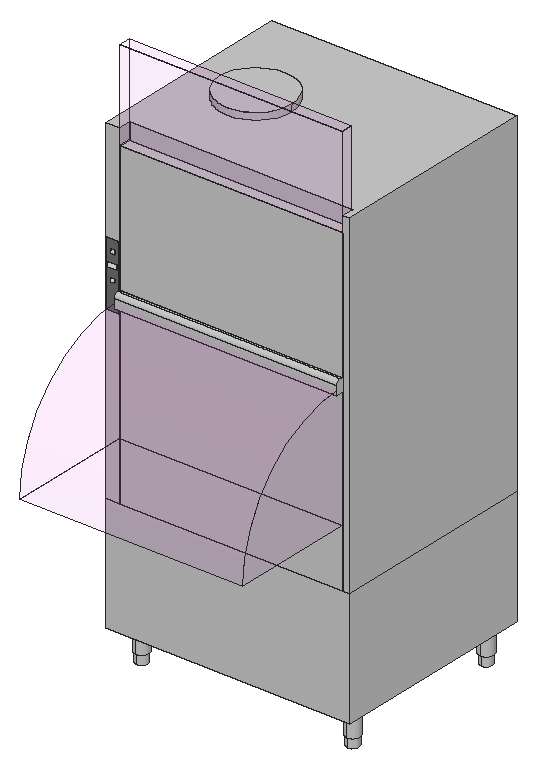
Revit family "Gi805H", category Equipement spécialisé, Revit 2023
Family settings
  Cote de connecteur circulaire = Utiliser le diamètre
  Type d'élément = Normal
  Numéro OmniClass = 23.40.40.14
  Titre OmniClass = Food Service Equipment
  Basée sur le plan de construction = Non
  Autoriser la découpe dans les vues = Non
  Toujours verticalement = Oui
  Couper avec des vides une fois chargée = Non
  Conserver l'orientation des annotations = Non
  Partagée = Non
  Repère de localisation dans la pièce = Non
Parameters (values of type "6G3160")
  URL catalogo = "https://comenda.eu/wp-content/uploads/2024/02/Scheda-tecnica_G-EVO-805-R_15.02.2024_ITA.pdf"
  URL = "www.comenda.eu"
  Tensione = 400 V
  Temperatura raccomandata per acqua calda = 50 °C
  Show Logo [instance] = yes
  Show Clearance [instance] = yes
  Protezione contro le sovracorrenti = 16 A
  Elévation par défaut = 0 mm
  Profondità = 900 mm
  Pressione minima acqua calda = 2000.0 Pa
  Potenza elettrica = 9000 W
  Peso netto = 230.00 kg
  Numero dei poli = 3
  Modèle = "G-EVO 805 R RCD"
  Fabricant = "COMENDA"
  Lunghezza = 1020 mm
  Frequenza = 50 Hz
  Fase = 3
  Diametro raccordo acqua calda = 3/4"
  Diametro dello scarico diretto di acqua = 1 3/8"
  Description = "THREE-PHASE FRONT LOADING POTWASHER WITH RCD"
  Corrente di funzionamento normale = 13.7 A
  Assembly Code = ""
  Altezza dello scarico diretto acqua da pavimento finito = 145 mm
  Altezza da terra raccordo acqua calda = 175 mm
  Altezza allacciamento elettrico da pavimento finito = 135 mm
  Altezza = 2055 mm
Types (2, lengths in mm): name | Modèle | Altezza
  6G3160 | "G-EVO 805 R RCD" | 2055
  6G3267 | "G-EVO 805H R RCD" | 2020
Reference planes
  plane 1 "Back": y = 0
  plane 2: z = 0
  plane 3 "Left": x = -30
  plane 4 "Right": x = 990
  plane 5 "Front": y = -900
  plane 6 "Top": z = 2055
  plane 7: z = 2055
  plane 8: z = 2340
Forms (mm)
  Revolve 1, solid
    sketch origin (50, -8.5, 0) x (0, 1, 0) y (0, 0, 1)
      loop
        line (-50, 135) -> (-80, 135) -> (-80, 0) -> (-55, 0) -> (-55, 40) -> (-50, 40) -> (-50, 135)
      axis (-80, 0) -> (-80, 135)
    angle from 0 to 360
  Revolve 2, solid
    sketch origin (50, -701.5, 0) x (0, 1, 0) y (0, 0, 1)
      loop
        line (-50, 135) -> (-80, 135) -> (-80, 0) -> (-55, 0) -> (-55, 40) -> (-50, 40) -> (-50, 135)
      axis (-80, 0) -> (-80, 135)
    angle from 0 to 360
  Revolve 3, solid
    sketch origin (935, -8.5, 0) x (0, 1, 0) y (0, 0, 1)
      loop
        line (-50, 135) -> (-80, 135) -> (-80, 0) -> (-55, 0) -> (-55, 40) -> (-50, 40) -> (-50, 135)
      axis (-80, 0) -> (-80, 135)
    angle from 0 to 360
  Revolve 4, solid
    sketch origin (935, -705, 0) x (0, 1, 0) y (0, 0, 1)
      loop
        line (-50, 135) -> (-80, 135) -> (-80, 0) -> (-55, 0) -> (-55, 40) -> (-50, 40) -> (-50, 135)
      axis (-80, 0) -> (-80, 135)
    angle from 0 to 360
  Extrusion 5, solid
    sketch origin (1.5, 0, 710) x (1, 0, 0) y (0, 1, 0)
      loop
        line (-31.5, 0) -> (-31.5, -870) -> (28.5, -870) -> (28.5, -820) -> (960, -820) -> (960, -870) -> (988.5, -870) -> (988.5, 0) -> (-31.5, 0)
    from -89.5 to 1316.5
  Extrusion 6, solid
    sketch origin (0, 0, -35) x (1, 0, 0) y (0, 1, 0)
      loop
        line (-30, 0) -> (-30, -870) -> (990, -870) -> (990, 0) -> (-30, 0)
    from 170 to 655
  Extrusion 7, solid
    sketch origin (50, 0, 1923.5) x (1, 0, 0) y (0, 1, 0)
      loop
        circle (200, -435) r 150
    from 103 to 131.5
  Extrusion 8, solid
    sketch origin (33.5, 0, 0) x (0, 1, 0) y (0, 0, 1)
      loop
        line (-900, 1365) -> (-870, 1365) -> (-870, 1420) -> (-880, 1420)
        arc (-880, 1420) -> (-894.142, 1414.142) -> (-900, 1400) r 20
        line (-900, 1400) -> (-900, 1365)
    from -2.5 to 926.5
  Extrusion 9, solid
    sketch origin (0, 0, 620) x (1, 0, 0) y (0, 1, 0)
      loop
        line (31, -870) -> (960, -870) -> (960, -820) -> (31, -820) -> (31, -870)
    from 0 to 244
  Extrusion 10, solid
    sketch origin (0, 0, 864) x (1, 0, 0) y (0, 1, 0)
      loop
        line (31, -870) -> (960, -870) -> (960, -820) -> (31, -820) -> (31, -870)
    from 1 to 556
  Extrusion 11, solid
    sketch origin (0, 0, 1319) x (1, 0, 0) y (0, 1, 0)
      loop
        line (31.5, -870) -> (960, -870) -> (960, -820) -> (31.5, -820) -> (31.5, -870)
    from 101 to 641
  Extrusion 12, solid
    sketch origin (-775, -868.2, 728.939) x (1, 0, 0) y (0, 0, 1)
      loop
        line (800, 871) -> (750, 871) -> (750, 601) -> (800, 601) -> (800, 871)
    from 0 to 2
  Extrusion 13, solid
    sketch origin (-1975.001, -868.4, 756.591) x (1, 0, 0) y (0, 0, 1)
      loop
        line (1993.501, 752.409) -> (1956.501, 752.409) -> (1956.501, 734.409) -> (1993.501, 734.409) -> (1993.501, 752.409)
      loop
        line (1983.001, 788.909) -> (1983.001, 804.909) -> (1967.001, 804.909) -> (1967.001, 788.909) -> (1983.001, 788.909)
      loop
        line (1983.001, 681.909) -> (1983.001, 697.909) -> (1967.001, 697.909) -> (1967.001, 681.909) -> (1983.001, 681.909)
    from 0 to 2
  Extrusion 14, solid
    sketch origin (962, -870, 710) x (0, 1, 0) y (0, 0, -1)
      loop
        line (0, -1250) -> (0, -1630) -> (50, -1630) -> (50, -1250) -> (0, -1250)
    from 1.5 to 930.5
  Extrusion 15, void
    sketch origin (935, -785, 0) x (1, 0, 0) y (0, 1, 0)
      loop
        circle (-175, 175) r 17.5
    from 0 to 145
  Extrusion 16, void
    sketch origin (935, -785, 0) x (1, 0, 0) y (0, 1, 0)
      loop
        circle (-895, 35) r 10
    from 0 to 175
  Extrusion 17, solid
    sketch origin (0, 0, 135) x (0, 1, 0) y (1, 0, 0)
      loop
        circle (-848, 905) r 4.85
    from 0 to 1
  Extrusion 18, solid
    sketch origin (-30, 0, 0) x (0, 1, 0) y (0, 0, 1)
      loop
        line (-870, 865) -> (-870, 1385)
        arc (-870, 1385) -> (-1237.696, 1232.696) -> (-1390, 865) r 520
        line (-1390, 865) -> (-870, 865)
    from 60 to 990
Cuts and joins
  Extrusion 15, Extrusion 16 cuts Extrusion 5
  Extrusion 15, Extrusion 16 cuts Extrusion 6
  joined: Extrusion 5, Extrusion 6
Lines and regions (mm)
  symbolic lines, style "200-EquipBorder-2D"
    curve 1: line (-30, 0, 0) -> (990, 0, 0)
    curve 2: line (-30, -870, 0) -> (-30, 0, 0)
    curve 3: line (990, -870, 0) -> (-30, -870, 0)
    curve 4: line (990, 0, 0) -> (990, -870, 0)
    curve 8: line (31, -870, 0) -> (31, -900, 0)
    curve 9: line (31, -900, 0) -> (958.5, -900, 0)
    curve 11: line (958.5, -900, 0) -> (958.5, -870, 0)
  symbolic lines, style "200-EquipInternal-2D"
    curve 5: circle (250, -435, 0) r 150 normal (0, 0, 1)
    curve 6: line (31, -870, 0) -> (31, -820, 0)
    curve 7: line (31, -820, 0) -> (960, -820, 0)
    curve 12: line (960, -820, 0) -> (960, -870, 0)
  symbolic lines, style "QF_Door-Drawer Clearances", visible <- "Show Clearance"
    curve 10: line (31, -870, 0) -> (31, -1178.969, 0)
    curve 13: line (960, -1178.969, 0) -> (960, -870, 0)
    curve 14: line (31, -1178.969, 0) -> (960, -1178.969, 0)
  symbolic lines, style "200-InsPoint-3D"
    curve 15: circle (-30, 0, 0) r 0.2 normal (0, 0, 1)
    curve 16: circle (990, 0, 0) r 0.2 normal (0, 0, 1)
    curve 17: circle (-30, -870, 0) r 0.2 normal (0, 0, 1)
    curve 18: circle (990, -870, 0) r 0.2 normal (0, 0, 1)
Dimensions and locks
  "Lunghezza": plane 3 "Left" to plane 4 "Right"
  "Profondità": plane 5 "Front" to plane 1 "Back"
  "Altezza": plane 6 "Top" to level
  Extrusion 7 to cut or joined group of Extrusion 5, Extrusion 6, Extrusion 15, Extrusion 16 = 28.5 mm
  cut or joined group of Extrusion 5, Extrusion 6, Extrusion 15, Extrusion 16 to Extrusion 11 = 66.5 mm
  Extrusion 14 sketch curve to Extrusion 7 = 285 mm
  plane 6 "Top" to level = 2055 mm
  locked: Extrusion 10 to level at 865
  locked: cut or joined group of Extrusion 5, Extrusion 6, Extrusion 15, Extrusion 16 to level at 135
  locked: cut or joined group of Extrusion 5, Extrusion 6, Extrusion 15, Extrusion 16 to level at 620.5
  locked: plane 6 "Top" to Extrusion 7 at 28.5
  locked: plane 6 "Top" to Extrusion 11 at 635
  locked: cut or joined group of Extrusion 5, Extrusion 6, Extrusion 15, Extrusion 16 to Extrusion 11 at 66.5
  locked: Extrusion 13 to level at 1491
  locked: Extrusion 13 to Extrusion 12 at 108.561
  curve 13 to curve 12 = 0 mm
  "Altezza": plane 7 to level
  aligned and locked: level to plane 2
  aligned and locked: plane 6 "Top" to Extrusion 7
  aligned and locked: Extrusion 8 sketch curve to Extrusion 10
  aligned and locked: Extrusion 14 sketch curve to Extrusion 11  (x2)
  aligned and locked: cut or joined group of Extrusion 5, Extrusion 6, Extrusion 15, Extrusion 16 to Extrusion 14 sketch curve
  aligned and locked: Extrusion 8 to Extrusion 10
  aligned and locked: Extrusion 10 to Extrusion 8
  aligned and locked: Extrusion 11 to Extrusion 8
  aligned and locked: Extrusion 7 to cut or joined group of Extrusion 5, Extrusion 6, Extrusion 15, Extrusion 16
Automatic sketch dimensions
  Revolve 1 sketch curve to level = 0 mm
  plane 1 "Back" to Revolve 1 sketch curve = 88.5 mm
  Revolve 1 sketch curve to Revolve 1 sketch curve = 25 mm
  Revolve 1 sketch curve to Revolve 1 sketch curve = 5 mm
  level to Revolve 1 sketch curve = 40 mm
  Revolve 1 sketch curve to Revolve 1 sketch curve = 95 mm
  Revolve 1 sketch curve to Revolve 1 sketch curve = 0 mm
  Revolve 1 sketch curve to Revolve 1 sketch curve = 35 mm
  Revolve 1 sketch curve to Revolve 1 sketch curve = 50 mm
  Revolve 2 sketch curve to level = 0 mm
  plane 5 "Front" to Revolve 2 sketch curve = 118.5 mm
  Revolve 2 sketch curve to Revolve 2 sketch curve = 25 mm
  Revolve 2 sketch curve to Revolve 2 sketch curve = 5 mm
  level to Revolve 2 sketch curve = 40 mm
  Revolve 2 sketch curve to Revolve 2 sketch curve = 95 mm
  Revolve 2 sketch curve to Revolve 2 sketch curve = 0 mm
  Revolve 2 sketch curve to Revolve 2 sketch curve = 35 mm
  Revolve 2 sketch curve to Revolve 2 sketch curve = 50 mm
  Revolve 3 sketch curve to level = 0 mm
  plane 1 "Back" to Revolve 3 sketch curve = 88.5 mm
  Revolve 3 sketch curve to Revolve 3 sketch curve = 25 mm
  Revolve 3 sketch curve to Revolve 3 sketch curve = 5 mm
  level to Revolve 3 sketch curve = 40 mm
  Revolve 3 sketch curve to Revolve 3 sketch curve = 95 mm
  Revolve 3 sketch curve to Revolve 3 sketch curve = 0 mm
  Revolve 3 sketch curve to Revolve 3 sketch curve = 35 mm
  Revolve 3 sketch curve to Revolve 3 sketch curve = 50 mm
  Revolve 4 sketch curve to level = 0 mm
  plane 5 "Front" to Revolve 4 sketch curve = 115 mm
  Revolve 4 sketch curve to Revolve 4 sketch curve = 25 mm
  Revolve 4 sketch curve to Revolve 4 sketch curve = 5 mm
  level to Revolve 4 sketch curve = 40 mm
  Revolve 4 sketch curve to Revolve 4 sketch curve = 95 mm
  Revolve 4 sketch curve to Revolve 4 sketch curve = 0 mm
  Revolve 4 sketch curve to Revolve 4 sketch curve = 35 mm
  Revolve 4 sketch curve to Revolve 4 sketch curve = 50 mm
  Extrusion 6 sketch curve to plane 3 "Left" = 0 mm
  Extrusion 6 sketch curve to plane 4 "Right" = 0 mm
  plane 1 "Back" to Extrusion 6 sketch curve = 0 mm
  plane 5 "Front" to Extrusion 6 sketch curve = 30 mm
  plane 3 "Left" to Extrusion 7 sketch curve = 280 mm
  plane 1 "Back" to Extrusion 7 sketch curve = 435 mm
  Extrusion 8 sketch curve to plane 5 "Front" = 0 mm
  plane 5 "Front" to Extrusion 8 sketch curve = 20 mm
  plane 5 "Front" to Extrusion 8 sketch curve = 30 mm
  Extrusion 8 sketch curve to Extrusion 8 sketch curve = 35 mm
  plane 4 "Right" to Extrusion 12 sketch curve = 1015 mm
  plane 4 "Right" to Extrusion 12 sketch curve = 965 mm
  level to Extrusion 12 sketch curve = 1329.939 mm
  Extrusion 12 sketch curve to Extrusion 12 sketch curve = 270 mm
  plane 4 "Right" to Extrusion 13 sketch curve = 1008.5 mm
  Extrusion 13 sketch curve to Extrusion 13 sketch curve = 10.5 mm  (x2)
  Extrusion 13 sketch curve to Extrusion 13 sketch curve = 16 mm  (x4)
  Extrusion 13 sketch curve to Extrusion 13 sketch curve = 37 mm
  level to Extrusion 13 sketch curve = 1438.5 mm
  Extrusion 13 sketch curve to Extrusion 13 sketch curve = 36.5 mm  (x2)
  Extrusion 13 sketch curve to Extrusion 13 sketch curve = 18 mm
  Extrusion 6 to Extrusion 9 sketch curve = 0 mm
  Extrusion 9 sketch curve to Extrusion 6 = 61 mm
  Extrusion 9 sketch curve to Extrusion 6 = 30 mm
  Extrusion 9 sketch curve to Extrusion 9 sketch curve = 50 mm
  Extrusion 10 sketch curve to Extrusion 9 = 0 mm  (x3)
  Extrusion 9 to Extrusion 10 sketch curve = 0 mm
  plane 3 "Left" to Extrusion 11 sketch curve = 61.5 mm
  plane 4 "Right" to Extrusion 11 sketch curve = 30 mm
  plane 5 "Front" to Extrusion 11 sketch curve = 30 mm
  Extrusion 11 sketch curve to Extrusion 11 sketch curve = 50 mm
  plane 1 "Back" to Extrusion 5 sketch curve = 0 mm
  Extrusion 5 sketch curve to plane 3 "Left" = 0 mm
  plane 3 "Left" to Extrusion 5 sketch curve = 60 mm
  plane 4 "Right" to Extrusion 5 sketch curve = 28.5 mm
  plane 5 "Front" to Extrusion 5 sketch curve = 80 mm
  plane 5 "Front" to Extrusion 5 sketch curve = 30 mm  (x2)
  Extrusion 5 sketch curve to plane 4 "Right" = 0 mm
  Revolve 4 to Extrusion 15 sketch curve = 175 mm
  Revolve 4 to Extrusion 16 sketch curve = 895 mm
  Extrusion 6 to Extrusion 17 sketch curve = 22 mm
  Extrusion 6 to Extrusion 17 sketch curve = 935 mm
  curve 17 to plane 3 "Left" = 0 mm
  curve 2 to plane 3 "Left" = 0 mm
  plane 1 "Back" to curve 15 = 0 mm
  curve 15 to plane 3 "Left" = 0 mm
  curve 9 to plane 5 "Front" = 0 mm
  curve 4 to plane 4 "Right" = 0 mm
  plane 1 "Back" to curve 16 = 0 mm
  curve 16 to plane 4 "Right" = 0 mm
  curve 18 to plane 4 "Right" = 0 mm
  plane 1 "Back" to curve 4 = 0 mm
  plane 3 "Left" to curve 14 = 61 mm
  curve 6 to curve 10 = 0 mm
  curve 9 to curve 6 = 0 mm
  plane 3 "Left" to curve 5 = 280 mm
  plane 4 "Right" to curve 9 = 31.5 mm
  plane 4 "Right" to curve 14 = 30 mm
  plane 5 "Front" to curve 3 = 30 mm
  curve 18 to curve 3 = 0 mm
  curve 17 to curve 2 = 0 mm
  curve 12 to curve 12 = 50 mm
  plane 1 "Back" to curve 5 = 435 mm
  curve 13 to plane 5 "Front" = 278.969 mm
  plane 5 "Front" to Extrusion 18 sketch curve = 30 mm
  level to Extrusion 18 sketch curve = 865 mm
  Extrusion 18 sketch curve to plane 5 "Front" = 490 mm
  Extrusion 18 sketch curve to Extrusion 18 sketch curve = 0 mm
  radius of Extrusion 7 sketch curve = 150 mm
  radius of Extrusion 15 sketch curve = 17.5 mm
  radius of Extrusion 16 sketch curve = 10 mm
  radius of Extrusion 17 sketch curve = 4.85 mm
  radius of curve 5 = 150 mm
  radius of curve 15 = 0.2 mm
  radius of curve 16 = 0.2 mm
  radius of curve 17 = 0.2 mm
  radius of curve 18 = 0.2 mm
Connectors
  piping at (760, -610, 145), diameter 35
    settings: on cut or joined group of Extrusion 5, Extrusion 6, Extrusion 15, Extrusion 16, index 1, connector inside diameter 24", connector length 0 mm, flow factor 0, pipe flow 0.0 L/s, pressure drop 0.0 Pa, fitting loss kfactor 0, connector angle 0.00°, fixture units 0, engagement length 0 mm, angle of deflection 0.00°, flow configuration 0, flow direction 0, fitting loss method 0, system type 19, joint type 0, gender type 0, connector reference index -1, connector utility 0, adjustable connector no, is connector primary yes, connector description ""
  piping at (760, -610, 145), diameter 34.925, driven by "Diametro dello scarico diretto di acqua"
    settings: on cut or joined group of Extrusion 5, Extrusion 6, Extrusion 15, Extrusion 16, index 2, connector inside diameter 24", connector length 0 mm, flow factor 0, pipe flow 0.0 L/s, pressure drop 0.0 Pa, fitting loss kfactor 0, connector angle 0.00°, fixture units 0, engagement length 0 mm, angle of deflection 0.00°, flow configuration 0, flow direction 2, fitting loss method 0, system type 16, joint type 0, gender type 0, connector reference index -1, connector utility 0, adjustable connector no, is connector primary no, connector description "QF_DRAIN_CONNECTION"
  piping at (40, -750, 175), diameter 19.05, driven by "Diametro raccordo acqua calda"
    settings: on cut or joined group of Extrusion 5, Extrusion 6, Extrusion 15, Extrusion 16, index 3, connector inside diameter 24", connector length 0 mm, flow factor 0, pipe flow 0.0 L/s, pressure drop 0.0 Pa, fitting loss kfactor 0, connector angle 0.00°, fixture units 0, engagement length 0 mm, angle of deflection 0.00°, flow configuration 0, flow direction 1, fitting loss method 0, system type 19, joint type 0, gender type 0, connector reference index -1, connector utility 0, adjustable connector no, is connector primary no, connector description "QF_WATER_CONNECTION"
  electrical at (905, -848, 135), driven by "Numero dei poli", driven by "Tensione", driven by "Potenza elettrica"
    settings: on Extrusion 17, index 4, voltage 400 V, apparent load 9000 VA, apparent load phase1 0 VA, apparent load phase2 0 VA, apparent load phase3 0 VA, power factor 1, load classification "Altro", number of poles 3, system type 30, power factor state 1, is connector primary yes, connector utility no, sub classification motor no, connector description "QF_ELECTRICAL_CONNCTION"
  hvac at (250, -435, 2055)
    settings: on Extrusion 7, index 5, duct flow 0.0 L/s, flow factor 0, pres drop 0.0 Pa, loss coef 0, conn angle 0.00°, conn width 304.8 mm, conn height 304.8 mm, conn diameter 300 mm, duct sys type 3, conn prof type 0, flow config 0, flow direction 2, loss method 0, conn ref index -1, conn util no, is conn primary yes, conn desc "QF_EXHAUST_AIR_CONNECTION"
